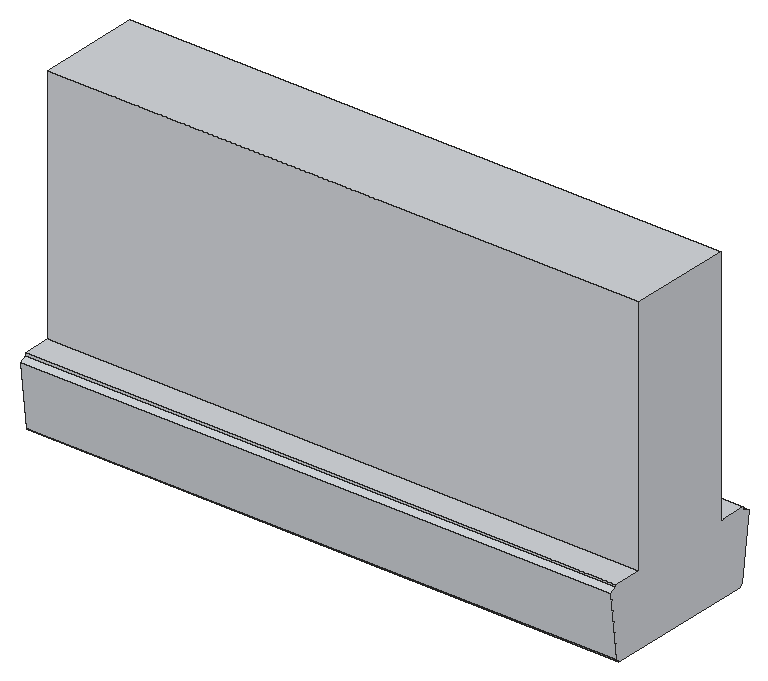
Revit family "KBB d=300_Precast-Console Beam_Spæncom", category Structural Framing, Revit 2014
Parameters (values of type "KBB 132/102 (150mm hylde)")
  Structural Material [instance] = none
  Model = "KBB"
  Manufacturer = "Spæncom"
  Length [instance] = 3000 mm
  Height element = 1320 mm
  Height (bjælkekroppen) = 1020 mm
  Width (bjælkekroppen) = 435 mm
  Height console = 300 mm  # constant formula
  Width console = 150 mm
  Base width = 660 mm  # constant formula
Types (7, lengths in mm): name | Height element | Height (bjælkekroppen) | Width (bjælkekroppen) | Width console
  (no name) | 1320 | 1020 | 435 | 150
  KBB 108/78 (150mm hylde) | 1080 | 780 | 435 | 150
  KBB 108/78 (200mm hylde) | 1080 | 780 | 335 | 200
  KBB 120/90 (150mm hylde) | 1200 | 900 | 435 | 150
  KBB 120/90 (200mm hylde) | 1200 | 900 | 335 | 200
  KBB 132/102 (150mm hylde) | 1320 | 1020 | 435 | 150
  KBB132/102 (200mm hylde) | 1320 | 1020 | 335 | 200
Reference planes
  plane 1 "Center (Front/Back)": y = 0
  plane 2 "Center Elevation": z = 0
  plane 3 "Center (Left/Right)": x = 0
  plane 4 "Left": x = -1500
  plane 5 "Member Left": x = -1250
  plane 6 "Stick Symbol Left": x = -1000
  plane 7 "Right": x = 1500
  plane 8 "Member Right": x = 1250
  plane 9 "Stick Symbol Right": x = 1000
  plane 10: z = 300
  plane 11: through (0, 364.375, 275) normal (0, -0.9923, 0.124)
  plane 12: through (0, -331.24, 9.923) normal (0, 0.9923, 0.124)
  plane 13: through (0, 364.375, 275) normal (0, -0.9923, 0.124)
  plane 14: through (0, -331.24, 9.923) normal (0, 0.9923, 0.124)
  plane 15: z = 300
  plane 16: y = 167.5
  plane 17: y = -217.5
Forms (mm)
  Extrusion 1, solid, material <- "Structural Material"
    sketch origin (-1500, 0, 0) x (0, -1, 0) y (0, 0, 1)
      loop
        line (217.5, 1320) -> (-217.5, 1320) -> (-217.5, 300) -> (-337.5, 300) -> (-337.5, 290) -> (-364.375, 275) -> (-331.24, 9.923) -> (-320, 0) -> (320, 0) -> (331.24, 9.923) -> (364.375, 275) -> (337.5, 290) -> (337.5, 300) -> (217.5, 300) -> (217.5, 1320)
    from -2750 to -250
Dimensions and locks
  equal spacing: plane 4 "Left", plane 3 "Center (Left/Right)", plane 7 "Right"
  "Length": plane 4 "Left" to plane 7 "Right"
  "Base width": plane 11 to plane 12
  "Height console": plane 10 to level
  "Height (bjælkekroppen)": Extrusion 1 to plane 10
  Extrusion 1 to level = 1320 mm
  "Width console": plane 15 to Extrusion 1 sketch curve
  "Width console": Extrusion 1 sketch curve to plane 12
  "Width (bjælkekroppen)": Extrusion 1 to Extrusion 1
  locked: plane 11 to Extrusion 1 sketch curve at 30
  locked: Extrusion 1 sketch curve to plane 15 at 30
  aligned and locked: level to plane 2 "Center Elevation"
  aligned and locked: Extrusion 1 to plane 8 "Member Right"
  aligned and locked: plane 5 "Member Left" to Extrusion 1
  aligned and locked: Extrusion 1 sketch curve to plane 11
Automatic sketch dimensions
  Extrusion 1 sketch curve to plane 10 = 0 mm  (x2)
  Extrusion 1 sketch curve to level = 0 mm
  Extrusion 1 sketch curve to plane 12 = 0 mm  (x2)
  Extrusion 1 sketch curve to plane 16 = 152.5 mm
  level to Extrusion 1 sketch curve = 9.923 mm  (x2)
  Extrusion 1 sketch curve to plane 10 = 25 mm  (x2)
  plane 17 to Extrusion 1 sketch curve = 102.5 mm
  Extrusion 1 sketch curve to plane 10 = 10 mm  (x2)
  plane 10 to Extrusion 1 sketch curve = 1020 mm
